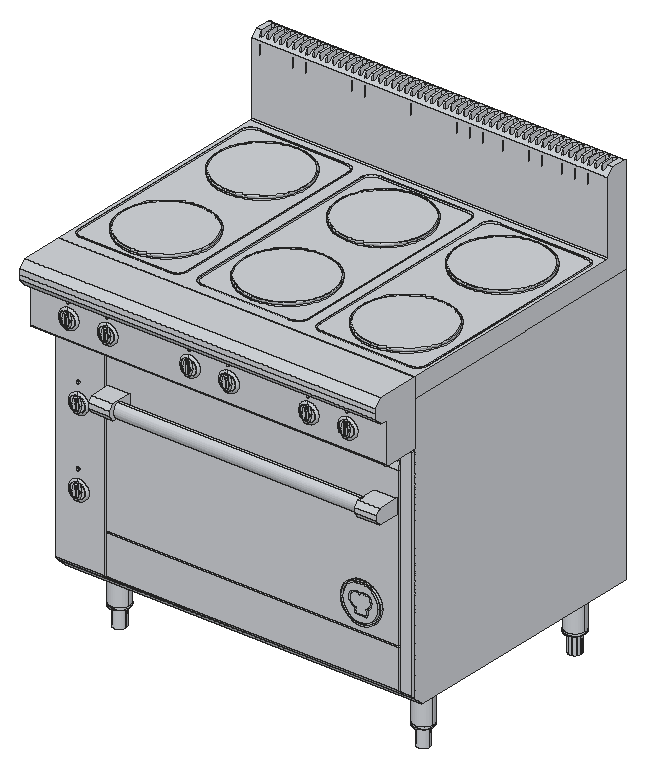
Revit family "6. PE6S28-X", category Generic Models, Revit 2024
Family settings
  Can host rebar = No
  Round Connector Dimension = Use Diameter
  Part Type = Normal
  Work Plane-Based = No
  Always vertical = Yes
  Cut with Voids When Loaded = No
  Maintain Annotation Orientation = No
  Shared = No
  Room Calculation Point = No
Parameters
  Qty = ""
  Item Numbers = ""
  Item Notes = "STATIC"
  Item Model = "PE6S28-X"
  Item Gas Services = ""
  Item Electrical Services = "19KW 3PH"
  Item Description = "800 SERIES 711MM OVEN RANGE"
  Default Elevation = 0 mm
Reference planes
  plane 1 "Center (Front/Back)": y = 0
  plane 2: z = 0
  plane 3 "Center (Left/Right)": x = 0
Forms (mm)
  Extrusion 1, solid
    sketch origin (430, 343.653, 49.9) x (0, -1, 0) y (0, 0, 1)
      loop
        line (218.653, 816.479) -> (218.653, 866.479) -> (-397.847, 866.479)
        arc (-397.847, 866.479) -> (-399.969, 867.357) -> (-400.847, 869.479) r 3
        line (-400.847, 869.479) -> (-400.847, 1052.979) -> (-416.347, 1070.479) -> (-454.347, 1070.479)
        arc (-454.347, 1070.479) -> (-455.762, 1069.893) -> (-456.347, 1068.479) r 2
        line (-456.347, 1068.479) -> (-456.347, 816.479) -> (218.653, 816.479)
    from -484 to 430
  Extrusion 2, solid
    sketch origin (305, 437, 57) x (0, 1, 0) y (0, 0, 1)
      loop
        line (-312, 859.379) -> (-422, 859.379) -> (-437, 842.379) -> (-437, 829.379) -> (-437, 816.379) -> (-422, 799.379) -> (-402, 799.379) -> (-402, 696.879)
        arc (-402, 696.879) -> (-401.268, 695.111) -> (-399.5, 694.379) r 2.5
        line (-399.5, 694.379) -> (-312, 694.379) -> (-312, 859.379)
    from -305 to 609
  Extrusion 3, solid
    sketch origin (308.5, 455, 31) x (0, 1, 0) y (0, 0, 1)
      loop
        line (-340, 662.779) -> (-330, 662.779) -> (-330, 689.783) -> (-341.766, 689.783) -> (-341.766, 684.783) -> (-334.104, 684.783) -> (-340, 662.779)
    from -178.5 to 570.5
  Extrusion 4, solid
    sketch origin (305, 399.1, -9) x (1, 0, 0) y (0, 1, 0)
      loop
        line (-305, -274.1) -> (609, -274.1) -> (609, 400.9) -> (-305, 400.9) -> (-305, -274.1)
    from 163.483 to 875.379
  Extrusion 5, solid
    sketch origin (454.469, 431.414, -49) x (1, 0, 0) y (0, 1, 0)
      loop
        circle (392.544, -196.414) r 25
    from 99 to 205.379
  Extrusion 6, solid
    sketch origin (459.544, 431.414, -49) x (-1, 0, 0) y (0, -1, 0)
      loop
        circle (392.544, 196.414) r 25
    from 99 to 205.379
  Extrusion 7, solid
    sketch origin (454.469, 525.086, -49) x (1, 0, 0) y (0, 1, 0)
      loop
        circle (392.544, 196.414) r 25
    from 99 to 205.379
  Extrusion 8, solid
    sketch origin (459.544, 525.086, -49) x (-1, 0, 0) y (0, -1, 0)
      loop
        circle (392.544, -196.414) r 25
    from 99 to 205.379
  Extrusion 9, solid
    sketch origin (609, 455, -9) x (1, 0, 0) y (0, 0, 1)
      loop
        line (-479, 702.779) -> (-479, 300.379) -> (270, 300.379) -> (270, 702.779) -> (-479, 702.779)
    from 330 to 340
  Sweep 10, solid
    path in 3D
      loop
        line (190, 115, 693.779) -> (135, 115, 693.779)
    profile origin (162.5, 115, 693.779) x (0, -1, 0) y (0, 0, 1)
      loop
        line (-10, -65.09) -> (-10, -102.969) -> (54.085, -102.969) -> (64, -90.575) -> (64, -77.969) -> (53.697, -65.09) -> (-10, -65.09)
  Sweep 11, solid
    path in 3D
      loop
        line (874, 125, 693.779) -> (819, 125, 693.779)
    profile origin (846.5, 125, 693.779) x (0, -1, 0) y (0, 0, 1)
      loop
        line (0, -65.09) -> (0, -102.969) -> (64.085, -102.969) -> (74, -90.575) -> (74, -77.969) -> (63.697, -65.09) -> (0, -65.09)
  Extrusion 12, solid
    sketch origin (135, 132.957, 693.779) x (0, 0, 1) y (0, 1, 0)
      loop
        line (-102.969, -55) -> (-102.969, -60)
        arc (-102.969, -60) -> (-83.592, -72.406) -> (-65.09, -58.729) r 20.284
        line (-65.09, -58.729) -> (-65.09, -53.515)
        arc (-65.09, -53.515) -> (-83.491, -67.995) -> (-102.969, -55) r 19.939
    from -684 to -55
  Extrusion 13, solid
    sketch origin (609, 455, -134) x (1, 0, 0) y (0, 0, 1)
      loop
        line (-479, 420.379) -> (-479, 310.379) -> (270, 310.379) -> (270, 420.379) -> (-479, 420.379)
    from 330 to 340
  Extrusion 14, solid
    sketch origin (584, 115, 3.5) x (1, 0, 0) y (0, 0, 1)
      loop
        circle (202.199, 355.419) r 45
      loop
        line (192.081, 329.86) -> (216.608, 329.86)
        arc (216.608, 329.86) -> (217.6, 337.59) -> (215.85, 345.185) r 22.133
        arc (215.85, 345.185) -> (225.471, 369.038) -> (200.286, 374.258) r 16.756
        arc (200.286, 374.258) -> (176.689, 363.78) -> (191.796, 342.842) r 16.627
        arc (191.796, 342.842) -> (190.899, 336.328) -> (192.081, 329.86) r 20.797
      loop
        arc (220.004, 324.86) -> (222.463, 333.521) -> (221.952, 342.51) r 27.133
        arc (221.952, 342.51) -> (229.4, 372.246) -> (199.719, 379.912) r 21.756
        arc (199.719, 379.912) -> (172.233, 366.311) -> (185.981, 338.898) r 21.627
        arc (185.981, 338.898) -> (186.405, 331.678) -> (188.815, 324.86) r 25.797
        line (188.815, 324.86) -> (220.004, 324.86)
      loop
        circle (202.199, 355.419) r 50
      loop
        circle (202.199, 355.419) r 52
    from 0 to 5
  Extrusion 15, solid
    sketch origin (309, 125, -9) x (1, 0, 0) y (0, 0, 1)
      loop
        line (-309, 755.379) -> (-309, 734.783) -> (575, 734.783) -> (575, 185.379) -> (605, 185.379) -> (605, 755.379) -> (-309, 755.379)
    from 0 to 10
  Extrusion 16, void
    sketch origin (914, 69.1, -9) x (0, -1, 0) y (0, 0, 1)
      loop
        line (-77.796, 163.483) -> (-55.9, 163.483) -> (-55.9, 185.379) -> (-77.796, 163.483)
    from 0 to 921.933
  Extrusion 17, void
    sketch origin (-1281.434, 396.114, 909.279) x (0, 1, 0) y (1, 0, 0)
      loop
        line (360.052, 1294.634) -> (390.483, 1294.634)
        arc (390.483, 1294.634) -> (396.483, 1300.634) -> (390.483, 1306.634) r 6
        line (390.483, 1306.634) -> (360.052, 1306.634)
        arc (360.052, 1306.634) -> (354.052, 1300.634) -> (360.052, 1294.634) r 6
      loop
        line (360.052, 1311.434) -> (390.483, 1311.434)
        arc (390.483, 1311.434) -> (396.483, 1317.434) -> (390.483, 1323.434) r 6
        line (390.483, 1323.434) -> (360.052, 1323.434)
        arc (360.052, 1323.434) -> (354.052, 1317.434) -> (360.052, 1311.434) r 6
      loop
        line (360.052, 1328.234) -> (390.483, 1328.234)
        arc (390.483, 1328.234) -> (396.483, 1334.234) -> (390.483, 1340.234) r 6
        line (390.483, 1340.234) -> (360.052, 1340.234)
        arc (360.052, 1340.234) -> (354.052, 1334.234) -> (360.052, 1328.234) r 6
      loop
        line (360.052, 1345.034) -> (390.483, 1345.034)
        arc (390.483, 1345.034) -> (396.483, 1351.034) -> (390.483, 1357.034) r 6
        line (390.483, 1357.034) -> (360.052, 1357.034)
        arc (360.052, 1357.034) -> (354.052, 1351.034) -> (360.052, 1345.034) r 6
      loop
        line (360.052, 1361.834) -> (390.483, 1361.834)
        arc (390.483, 1361.834) -> (396.483, 1367.834) -> (390.483, 1373.834) r 6
        line (390.483, 1373.834) -> (360.052, 1373.834)
        arc (360.052, 1373.834) -> (354.052, 1367.834) -> (360.052, 1361.834) r 6
      loop
        line (360.052, 1379.034) -> (390.483, 1379.034)
        arc (390.483, 1379.034) -> (396.483, 1385.034) -> (390.483, 1391.034) r 6
        line (390.483, 1391.034) -> (360.052, 1391.034)
        arc (360.052, 1391.034) -> (354.052, 1385.034) -> (360.052, 1379.034) r 6
      loop
        line (360.052, 1395.834) -> (390.483, 1395.834)
        arc (390.483, 1395.834) -> (396.483, 1401.834) -> (390.483, 1407.834) r 6
        line (390.483, 1407.834) -> (360.052, 1407.834)
        arc (360.052, 1407.834) -> (354.052, 1401.834) -> (360.052, 1395.834) r 6
      loop
        line (360.052, 1412.634) -> (390.483, 1412.634)
        arc (390.483, 1412.634) -> (396.483, 1418.634) -> (390.483, 1424.634) r 6
        line (390.483, 1424.634) -> (360.052, 1424.634)
        arc (360.052, 1424.634) -> (354.052, 1418.634) -> (360.052, 1412.634) r 6
      loop
        line (360.052, 1429.434) -> (390.483, 1429.434)
        arc (390.483, 1429.434) -> (396.483, 1435.434) -> (390.483, 1441.434) r 6
        line (390.483, 1441.434) -> (360.052, 1441.434)
        arc (360.052, 1441.434) -> (354.052, 1435.434) -> (360.052, 1429.434) r 6
      loop
        line (360.052, 1446.234) -> (390.483, 1446.234)
        arc (390.483, 1446.234) -> (396.483, 1452.234) -> (390.483, 1458.234) r 6
        line (390.483, 1458.234) -> (360.052, 1458.234)
        arc (360.052, 1458.234) -> (354.052, 1452.234) -> (360.052, 1446.234) r 6
      loop
        line (360.052, 1463.034) -> (390.483, 1463.034)
        arc (390.483, 1463.034) -> (396.483, 1469.034) -> (390.483, 1475.034) r 6
        line (390.483, 1475.034) -> (360.052, 1475.034)
        arc (360.052, 1475.034) -> (354.052, 1469.034) -> (360.052, 1463.034) r 6
      loop
        line (360.052, 1479.834) -> (390.483, 1479.834)
        arc (390.483, 1479.834) -> (396.483, 1485.834) -> (390.483, 1491.834) r 6
        line (390.483, 1491.834) -> (360.052, 1491.834)
        arc (360.052, 1491.834) -> (354.052, 1485.834) -> (360.052, 1479.834) r 6
      loop
        line (360.052, 1496.634) -> (390.483, 1496.634)
        arc (390.483, 1496.634) -> (396.483, 1502.634) -> (390.483, 1508.634) r 6
        line (390.483, 1508.634) -> (360.052, 1508.634)
        arc (360.052, 1508.634) -> (354.052, 1502.634) -> (360.052, 1496.634) r 6
      loop
        line (360.052, 1513.434) -> (390.483, 1513.434)
        arc (390.483, 1513.434) -> (396.483, 1519.434) -> (390.483, 1525.434) r 6
        line (390.483, 1525.434) -> (360.052, 1525.434)
        arc (360.052, 1525.434) -> (354.052, 1519.434) -> (360.052, 1513.434) r 6
      loop
        line (360.052, 1530.234) -> (390.483, 1530.234)
        arc (390.483, 1530.234) -> (396.483, 1536.234) -> (390.483, 1542.234) r 6
        line (390.483, 1542.234) -> (360.052, 1542.234)
        arc (360.052, 1542.234) -> (354.052, 1536.234) -> (360.052, 1530.234) r 6
      loop
        line (360.052, 1547.434) -> (390.483, 1547.434)
        arc (390.483, 1547.434) -> (396.483, 1553.434) -> (390.483, 1559.434) r 6
        line (390.483, 1559.434) -> (360.052, 1559.434)
        arc (360.052, 1559.434) -> (354.052, 1553.434) -> (360.052, 1547.434) r 6
      loop
        line (360.052, 1564.234) -> (390.483, 1564.234)
        arc (390.483, 1564.234) -> (396.483, 1570.234) -> (390.483, 1576.234) r 6
        line (390.483, 1576.234) -> (360.052, 1576.234)
        arc (360.052, 1576.234) -> (354.052, 1570.234) -> (360.052, 1564.234) r 6
      loop
        line (360.052, 1581.034) -> (390.483, 1581.034)
        arc (390.483, 1581.034) -> (396.483, 1587.034) -> (390.483, 1593.034) r 6
        line (390.483, 1593.034) -> (360.052, 1593.034)
        arc (360.052, 1593.034) -> (354.052, 1587.034) -> (360.052, 1581.034) r 6
      loop
        line (360.052, 1597.834) -> (390.483, 1597.834)
        arc (390.483, 1597.834) -> (396.483, 1603.834) -> (390.483, 1609.834) r 6
        line (390.483, 1609.834) -> (360.052, 1609.834)
        arc (360.052, 1609.834) -> (354.052, 1603.834) -> (360.052, 1597.834) r 6
      loop
        line (360.052, 1614.634) -> (390.483, 1614.634)
        arc (390.483, 1614.634) -> (396.483, 1620.634) -> (390.483, 1626.634) r 6
        line (390.483, 1626.634) -> (360.052, 1626.634)
        arc (360.052, 1626.634) -> (354.052, 1620.634) -> (360.052, 1614.634) r 6
      loop
        line (360.052, 1631.434) -> (390.483, 1631.434)
        arc (390.483, 1631.434) -> (396.483, 1637.434) -> (390.483, 1643.434) r 6
        line (390.483, 1643.434) -> (360.052, 1643.434)
        arc (360.052, 1643.434) -> (354.052, 1637.434) -> (360.052, 1631.434) r 6
      loop
        line (360.052, 1648.234) -> (390.483, 1648.234)
        arc (390.483, 1648.234) -> (396.483, 1654.234) -> (390.483, 1660.234) r 6
        line (390.483, 1660.234) -> (360.052, 1660.234)
        arc (360.052, 1660.234) -> (354.052, 1654.234) -> (360.052, 1648.234) r 6
      loop
        line (360.052, 1665.034) -> (390.483, 1665.034)
        arc (390.483, 1665.034) -> (396.483, 1671.034) -> (390.483, 1677.034) r 6
        line (390.483, 1677.034) -> (360.052, 1677.034)
        arc (360.052, 1677.034) -> (354.052, 1671.034) -> (360.052, 1665.034) r 6
      loop
        line (360.052, 1681.834) -> (390.483, 1681.834)
        arc (390.483, 1681.834) -> (396.483, 1687.834) -> (390.483, 1693.834) r 6
        line (390.483, 1693.834) -> (360.052, 1693.834)
        arc (360.052, 1693.834) -> (354.052, 1687.834) -> (360.052, 1681.834) r 6
      loop
        line (360.052, 1698.634) -> (390.483, 1698.634)
        arc (390.483, 1698.634) -> (396.483, 1704.634) -> (390.483, 1710.634) r 6
        line (390.483, 1710.634) -> (360.052, 1710.634)
        arc (360.052, 1710.634) -> (354.052, 1704.634) -> (360.052, 1698.634) r 6
      loop
        line (360.052, 1715.834) -> (390.483, 1715.834)
        arc (390.483, 1715.834) -> (396.483, 1721.834) -> (390.483, 1727.834) r 6
        line (390.483, 1727.834) -> (360.052, 1727.834)
        arc (360.052, 1727.834) -> (354.052, 1721.834) -> (360.052, 1715.834) r 6
      loop
        line (360.052, 1732.634) -> (390.483, 1732.634)
        arc (390.483, 1732.634) -> (396.483, 1738.634) -> (390.483, 1744.634) r 6
        line (390.483, 1744.634) -> (360.052, 1744.634)
        arc (360.052, 1744.634) -> (354.052, 1738.634) -> (360.052, 1732.634) r 6
      loop
        line (360.052, 1749.434) -> (390.483, 1749.434)
        arc (390.483, 1749.434) -> (396.483, 1755.434) -> (390.483, 1761.434) r 6
        line (390.483, 1761.434) -> (360.052, 1761.434)
        arc (360.052, 1761.434) -> (354.052, 1755.434) -> (360.052, 1749.434) r 6
      loop
        line (360.052, 1766.234) -> (390.483, 1766.234)
        arc (390.483, 1766.234) -> (396.483, 1772.234) -> (390.483, 1778.234) r 6
        line (390.483, 1778.234) -> (360.052, 1778.234)
        arc (360.052, 1778.234) -> (354.052, 1772.234) -> (360.052, 1766.234) r 6
      loop
        line (360.052, 1783.034) -> (390.483, 1783.034)
        arc (390.483, 1783.034) -> (396.483, 1789.034) -> (390.483, 1795.034) r 6
        line (390.483, 1795.034) -> (360.052, 1795.034)
        arc (360.052, 1795.034) -> (354.052, 1789.034) -> (360.052, 1783.034) r 6
      loop
        line (360.052, 1799.834) -> (390.483, 1799.834)
        arc (390.483, 1799.834) -> (396.483, 1805.834) -> (390.483, 1811.834) r 6
        line (390.483, 1811.834) -> (360.052, 1811.834)
        arc (360.052, 1811.834) -> (354.052, 1805.834) -> (360.052, 1799.834) r 6
      loop
        line (360.052, 1816.634) -> (390.483, 1816.634)
        arc (390.483, 1816.634) -> (396.483, 1822.634) -> (390.483, 1828.634) r 6
        line (390.483, 1828.634) -> (360.052, 1828.634)
        arc (360.052, 1828.634) -> (354.052, 1822.634) -> (360.052, 1816.634) r 6
      loop
        line (360.052, 1833.434) -> (390.483, 1833.434)
        arc (390.483, 1833.434) -> (396.483, 1839.434) -> (390.483, 1845.434) r 6
        line (390.483, 1845.434) -> (360.052, 1845.434)
        arc (360.052, 1845.434) -> (354.052, 1839.434) -> (360.052, 1833.434) r 6
      loop
        line (360.052, 1850.234) -> (390.483, 1850.234)
        arc (390.483, 1850.234) -> (396.483, 1856.234) -> (390.483, 1862.234) r 6
        line (390.483, 1862.234) -> (360.052, 1862.234)
        arc (360.052, 1862.234) -> (354.052, 1856.234) -> (360.052, 1850.234) r 6
      loop
        line (360.052, 1867.034) -> (390.483, 1867.034)
        arc (390.483, 1867.034) -> (396.483, 1873.034) -> (390.483, 1879.034) r 6
        line (390.483, 1879.034) -> (360.052, 1879.034)
        arc (360.052, 1879.034) -> (354.052, 1873.034) -> (360.052, 1867.034) r 6
      loop
        line (360.052, 1884.234) -> (390.483, 1884.234)
        arc (390.483, 1884.234) -> (396.483, 1890.234) -> (390.483, 1896.234) r 6
        line (390.483, 1896.234) -> (360.052, 1896.234)
        arc (360.052, 1896.234) -> (354.052, 1890.234) -> (360.052, 1884.234) r 6
      loop
        line (360.052, 1901.034) -> (390.483, 1901.034)
        arc (390.483, 1901.034) -> (396.483, 1907.034) -> (390.483, 1913.034) r 6
        line (390.483, 1913.034) -> (360.052, 1913.034)
        arc (360.052, 1913.034) -> (354.052, 1907.034) -> (360.052, 1901.034) r 6
      loop
        line (360.052, 1917.834) -> (390.483, 1917.834)
        arc (390.483, 1917.834) -> (396.483, 1923.834) -> (390.483, 1929.834) r 6
        line (390.483, 1929.834) -> (360.052, 1929.834)
        arc (360.052, 1929.834) -> (354.052, 1923.834) -> (360.052, 1917.834) r 6
      loop
        line (360.052, 1934.634) -> (390.483, 1934.634)
        arc (390.483, 1934.634) -> (396.483, 1940.634) -> (390.483, 1946.634) r 6
        line (390.483, 1946.634) -> (360.052, 1946.634)
        arc (360.052, 1946.634) -> (354.052, 1940.634) -> (360.052, 1934.634) r 6
      loop
        line (360.052, 1951.434) -> (390.483, 1951.434)
        arc (390.483, 1951.434) -> (396.483, 1957.434) -> (390.483, 1963.434) r 6
        line (390.483, 1963.434) -> (360.052, 1963.434)
        arc (360.052, 1963.434) -> (354.052, 1957.434) -> (360.052, 1951.434) r 6
      loop
        line (360.052, 1968.234) -> (390.483, 1968.234)
        arc (390.483, 1968.234) -> (396.483, 1974.234) -> (390.483, 1980.234) r 6
        line (390.483, 1980.234) -> (360.052, 1980.234)
        arc (360.052, 1980.234) -> (354.052, 1974.234) -> (360.052, 1968.234) r 6
      loop
        line (360.052, 1985.034) -> (390.483, 1985.034)
        arc (390.483, 1985.034) -> (396.483, 1991.034) -> (390.483, 1997.034) r 6
        line (390.483, 1997.034) -> (360.052, 1997.034)
        arc (360.052, 1997.034) -> (354.052, 1991.034) -> (360.052, 1985.034) r 6
      loop
        line (360.052, 2001.834) -> (390.483, 2001.834)
        arc (390.483, 2001.834) -> (396.483, 2007.834) -> (390.483, 2013.834) r 6
        line (390.483, 2013.834) -> (360.052, 2013.834)
        arc (360.052, 2013.834) -> (354.052, 2007.834) -> (360.052, 2001.834) r 6
      loop
        line (360.052, 2018.634) -> (390.483, 2018.634)
        arc (390.483, 2018.634) -> (396.483, 2024.634) -> (390.483, 2030.634) r 6
        line (390.483, 2030.634) -> (360.052, 2030.634)
        arc (360.052, 2030.634) -> (354.052, 2024.634) -> (360.052, 2018.634) r 6
      loop
        line (360.052, 2035.434) -> (390.483, 2035.434)
        arc (390.483, 2035.434) -> (396.483, 2041.434) -> (390.483, 2047.434) r 6
        line (390.483, 2047.434) -> (360.052, 2047.434)
        arc (360.052, 2047.434) -> (354.052, 2041.434) -> (360.052, 2035.434) r 6
      loop
        line (360.052, 2052.634) -> (390.483, 2052.634)
        arc (390.483, 2052.634) -> (396.483, 2058.634) -> (390.483, 2064.634) r 6
        line (390.483, 2064.634) -> (360.052, 2064.634)
        arc (360.052, 2064.634) -> (354.052, 2058.634) -> (360.052, 2052.634) r 6
      loop
        line (360.052, 2069.434) -> (390.483, 2069.434)
        arc (390.483, 2069.434) -> (396.483, 2075.434) -> (390.483, 2081.434) r 6
        line (390.483, 2081.434) -> (360.052, 2081.434)
        arc (360.052, 2081.434) -> (354.052, 2075.434) -> (360.052, 2069.434) r 6
      loop
        line (360.052, 2086.234) -> (390.483, 2086.234)
        arc (390.483, 2086.234) -> (396.483, 2092.234) -> (390.483, 2098.234) r 6
        line (390.483, 2098.234) -> (360.052, 2098.234)
        arc (360.052, 2098.234) -> (354.052, 2092.234) -> (360.052, 2086.234) r 6
      loop
        line (360.052, 2103.034) -> (390.483, 2103.034)
        arc (390.483, 2103.034) -> (396.483, 2109.034) -> (390.483, 2115.034) r 6
        line (390.483, 2115.034) -> (360.052, 2115.034)
        arc (360.052, 2115.034) -> (354.052, 2109.034) -> (360.052, 2103.034) r 6
      loop
        line (360.052, 2119.834) -> (390.483, 2119.834)
        arc (390.483, 2119.834) -> (396.483, 2125.834) -> (390.483, 2131.834) r 6
        line (390.483, 2131.834) -> (360.052, 2131.834)
        arc (360.052, 2131.834) -> (354.052, 2125.834) -> (360.052, 2119.834) r 6
      loop
        line (360.052, 2136.634) -> (390.483, 2136.634)
        arc (390.483, 2136.634) -> (396.483, 2142.634) -> (390.483, 2148.634) r 6
        line (390.483, 2148.634) -> (360.052, 2148.634)
        arc (360.052, 2148.634) -> (354.052, 2142.634) -> (360.052, 2136.634) r 6
      loop
        line (360.052, 2153.434) -> (390.483, 2153.434)
        arc (390.483, 2153.434) -> (396.483, 2159.434) -> (390.483, 2165.434) r 6
        line (390.483, 2165.434) -> (360.052, 2165.434)
        arc (360.052, 2165.434) -> (354.052, 2159.434) -> (360.052, 2153.434) r 6
      loop
        line (360.052, 2170.234) -> (390.483, 2170.234)
        arc (390.483, 2170.234) -> (396.483, 2176.234) -> (390.483, 2182.234) r 6
        line (390.483, 2182.234) -> (360.052, 2182.234)
        arc (360.052, 2182.234) -> (354.052, 2176.234) -> (360.052, 2170.234) r 6
    from -215.172 to -155.9
  Extrusion 18, void
    sketch origin (914, 125, 156.379) x (0, 0, -1) y (0, -1, 0)
      loop
        line (-20, 0) -> (-20, 10) -> (-30, 10) -> (-20, 0)
    from 0 to 784
  Sweep 19, solid
    path in 3D
      loop
        arc (92, 235, 156.379) -> (67, 210, 156.379) -> (42, 235, 156.379) r 25
        arc (42, 235, 156.379) -> (67, 260, 156.379) -> (92, 235, 156.379) r 25
    profile origin (67, 260, 156.379) x (0, 1, 0) y (0, 0, 1)
      loop
        line (0, -1.896) -> (0, -4.896) -> (1, -4.896) -> (1, -3.957)
        arc (1, -3.957) -> (1.303, -3.224) -> (2.036, -2.92) r 1.036
        line (2.036, -2.92) -> (2.988, -2.92) -> (2.988, -1.896) -> (1, -1.896) -> (0, -1.896)
  Sweep 20, solid
    path in 3D
      loop
        arc (92, 721.5, 156.379) -> (67, 696.5, 156.379) -> (42, 721.5, 156.379) r 25
        arc (42, 721.5, 156.379) -> (67, 746.5, 156.379) -> (92, 721.5, 156.379) r 25
    profile origin (67, 746.5, 156.379) x (0, 1, 0) y (0, 0, 1)
      loop
        line (0, -1.896) -> (0, -4.896) -> (1, -4.896) -> (1, -3.957)
        arc (1, -3.957) -> (1.303, -3.224) -> (2.036, -2.92) r 1.036
        line (2.036, -2.92) -> (2.988, -2.92) -> (2.988, -1.896) -> (1, -1.896) -> (0, -1.896)
  Sweep 21, solid
    path in 3D
      loop
        arc (871.762, 721.5, 156.379) -> (846.762, 696.5, 156.379) -> (821.762, 721.5, 156.379) r 25
        arc (821.762, 721.5, 156.379) -> (846.762, 746.5, 156.379) -> (871.762, 721.5, 156.379) r 25
    profile origin (846.762, 746.5, 156.379) x (0, 1, 0) y (0, 0, 1)
      loop
        line (0, -1.896) -> (0, -4.896) -> (1, -4.896) -> (1, -3.957)
        arc (1, -3.957) -> (1.303, -3.224) -> (2.036, -2.92) r 1.036
        line (2.036, -2.92) -> (2.988, -2.92) -> (2.988, -1.896) -> (1, -1.896) -> (0, -1.896)
  Sweep 22, solid
    path in 3D
      loop
        arc (872.012, 235, 156.379) -> (847.012, 210, 156.379) -> (822.012, 235, 156.379) r 25
        arc (822.012, 235, 156.379) -> (847.012, 260, 156.379) -> (872.012, 235, 156.379) r 25
    profile origin (847.012, 260, 156.379) x (0, 1, 0) y (0, 0, 1)
      loop
        line (0, -1.896) -> (0, -4.896) -> (1, -4.896) -> (1, -3.957)
        arc (1, -3.957) -> (1.303, -3.224) -> (2.036, -2.92) r 1.036
        line (2.036, -2.92) -> (2.988, -2.92) -> (2.988, -1.896) -> (1, -1.896) -> (0, -1.896)
  Extrusion 23, void
    sketch origin (430, 69.1, 916.379) x (-1, 0, 0) y (0, 1, 0)
      loop
        arc (422, 628.523) -> (414.678, 646.201) -> (397, 653.523) r 25
        line (397, 653.523) -> (168, 653.523)
        arc (168, 653.523) -> (150.322, 646.201) -> (143, 628.523) r 25
        line (143, 628.523) -> (143, 108.9)
        arc (143, 108.9) -> (150.322, 91.222) -> (168, 83.9) r 25
        line (168, 83.9) -> (397, 83.9)
        arc (397, 83.9) -> (414.678, 91.222) -> (422, 108.9) r 25
        line (422, 108.9) -> (422, 628.523)
      loop
        arc (111, 628.523) -> (103.678, 646.201) -> (86, 653.523) r 25
        line (86, 653.523) -> (-143, 653.523)
        arc (-143, 653.523) -> (-160.678, 646.201) -> (-168, 628.523) r 25
        line (-168, 628.523) -> (-168, 108.9)
        arc (-168, 108.9) -> (-160.678, 91.222) -> (-143, 83.9) r 25
        line (-143, 83.9) -> (86, 83.9)
        arc (86, 83.9) -> (103.678, 91.222) -> (111, 108.9) r 25
        line (111, 108.9) -> (111, 628.523)
      loop
        arc (-194, 628.523) -> (-201.322, 646.201) -> (-219, 653.523) r 25
        line (-219, 653.523) -> (-448, 653.523)
        arc (-448, 653.523) -> (-465.678, 646.201) -> (-473, 628.523) r 25
        line (-473, 628.523) -> (-473, 108.9)
        arc (-473, 108.9) -> (-465.678, 91.222) -> (-448, 83.9) r 25
        line (-448, 83.9) -> (-219, 83.9)
        arc (-219, 83.9) -> (-201.322, 91.222) -> (-194, 108.9) r 25
        line (-194, 108.9) -> (-194, 628.523)
    from 0 to 2.5
  Sweep 24, solid
    path in 3D
      loop
        arc (8, 178, 913.879) -> (15.322, 160.322, 913.879) -> (33, 153, 913.879) r 25
        line (33, 153, 913.879) -> (262, 153, 913.879)
        arc (262, 153, 913.879) -> (279.678, 160.322, 913.879) -> (287, 178, 913.879) r 25
        line (287, 178, 913.879) -> (287, 697.623, 913.879)
        arc (287, 697.623, 913.879) -> (279.678, 715.301, 913.879) -> (262, 722.623, 913.879) r 25
        line (262, 722.623, 913.879) -> (33, 722.623, 913.879)
        arc (33, 722.623, 913.879) -> (15.322, 715.301, 913.879) -> (8, 697.623, 913.879) r 25
        line (8, 697.623, 913.879) -> (8, 178, 913.879)
    profile origin (8, 437.812, 913.879) x (1, 0, 0) y (0, 0, 1)
      loop
        line (0, 0) -> (2.5, 0)
        arc (2.5, 0) -> (1.768, 1.768) -> (0, 2.5) r 2.5
        line (0, 2.5) -> (0, 0)
  Extrusion 25, solid
    sketch origin (-491, 125, -9) x (1, 0, 0) y (0, 0, 1)
      loop
        line (616, 163.483) -> (616, 729.783) -> (491, 729.783) -> (491, 163.483) -> (616, 163.483)
    from 0 to 10
  Extrusion 26, void
    sketch origin (125, 125, 156.379) x (0, 0, -1) y (0, -1, 0)
      loop
        line (1.896, 10) -> (-30, 10) -> (-20, 0) -> (1.896, 0) -> (1.896, 10)
    from 0 to 125
  Sweep 27, solid
    path in 3D
      loop
        arc (319, 178, 913.879) -> (326.322, 160.322, 913.879) -> (344, 153, 913.879) r 25
        line (344, 153, 913.879) -> (573, 153, 913.879)
        arc (573, 153, 913.879) -> (590.678, 160.322, 913.879) -> (598, 178, 913.879) r 25
        line (598, 178, 913.879) -> (598, 697.623, 913.879)
        arc (598, 697.623, 913.879) -> (590.678, 715.301, 913.879) -> (573, 722.623, 913.879) r 25
        line (573, 722.623, 913.879) -> (344, 722.623, 913.879)
        arc (344, 722.623, 913.879) -> (326.322, 715.301, 913.879) -> (319, 697.623, 913.879) r 25
        line (319, 697.623, 913.879) -> (319, 178, 913.879)
    profile origin (319, 437.812, 913.879) x (1, 0, 0) y (0, 0, 1)
      loop
        line (0, 0) -> (2.5, 0)
        arc (2.5, 0) -> (1.768, 1.768) -> (0, 2.5) r 2.5
        line (0, 2.5) -> (0, 0)
  Sweep 28, solid
    path in 3D
      loop
        arc (624, 178, 913.879) -> (631.322, 160.322, 913.879) -> (649, 153, 913.879) r 25
        line (649, 153, 913.879) -> (878, 153, 913.879)
        arc (878, 153, 913.879) -> (895.678, 160.322, 913.879) -> (903, 178, 913.879) r 25
        line (903, 178, 913.879) -> (903, 697.623, 913.879)
        arc (903, 697.623, 913.879) -> (895.678, 715.301, 913.879) -> (878, 722.623, 913.879) r 25
        line (878, 722.623, 913.879) -> (649, 722.623, 913.879)
        arc (649, 722.623, 913.879) -> (631.322, 715.301, 913.879) -> (624, 697.623, 913.879) r 25
        line (624, 697.623, 913.879) -> (624, 178, 913.879)
    profile origin (624, 437.812, 913.879) x (1, 0, 0) y (0, 0, 1)
      loop
        line (0, 0) -> (2.5, 0)
        arc (2.5, 0) -> (1.768, 1.768) -> (0, 2.5) r 2.5
        line (0, 2.5) -> (0, 0)
  Extrusion 29, solid
    sketch origin (629, 692.623, 913.879) x (-1, 0, 0) y (0, 1, 0)
      loop
        circle (-134.5, -101) r 111
    from 0 to -2.468
  Sweep 30, solid
    path in 3D
      loop
        arc (763.5, 702.623, 916.347) -> (874.5, 591.623, 916.347) -> (763.5, 480.623, 916.347) r 111
        arc (763.5, 480.623, 916.347) -> (652.5, 591.623, 916.347) -> (763.5, 702.623, 916.347) r 111
    profile origin (652.5, 591.623, 916.347) x (-1, 0, 0) y (0, 0, 1)
      loop
        line (0, 0.032) -> (0, -2.468) -> (2.5, -2.468)
        arc (2.5, -2.468) -> (1.768, -0.701) -> (0, 0.032) r 2.5
  Extrusion 31, solid
    sketch origin (629, 692.623, 916.347) x (-1, 0, 0) y (0, -1, 0)
      loop
        circle (-134.5, 101) r 111
    from 0 to 5
  Sweep 32, solid
    path in 3D
      loop
        arc (763.5, 702.623, 921.347) -> (874.5, 591.623, 921.347) -> (763.5, 480.623, 921.347) r 111
        arc (763.5, 480.623, 921.347) -> (652.5, 591.623, 921.347) -> (763.5, 702.623, 921.347) r 111
    profile origin (652.5, 591.623, 921.347) x (-1, 0, 0) y (0, 0, 1)
      loop
        line (0, 0) -> (0, -4.968)
        arc (0, -4.968) -> (2.484, -2.484) -> (0, 0) r 2.484
  Extrusion 33, solid
    sketch origin (629, 385, 913.879) x (-1, 0, 0) y (0, 1, 0)
      loop
        circle (-134.5, -101) r 111
    from 0 to -2.468
  Sweep 34, solid
    path in 3D
      loop
        arc (763.5, 395, 916.347) -> (874.5, 284, 916.347) -> (763.5, 173, 916.347) r 111
        arc (763.5, 173, 916.347) -> (652.5, 284, 916.347) -> (763.5, 395, 916.347) r 111
    profile origin (652.5, 284, 916.347) x (-1, 0, 0) y (0, 0, 1)
      loop
        line (0, 0.032) -> (0, -2.468) -> (2.5, -2.468)
        arc (2.5, -2.468) -> (1.768, -0.701) -> (0, 0.032) r 2.5
  Extrusion 35, solid
    sketch origin (629, 385, 916.347) x (-1, 0, 0) y (0, -1, 0)
      loop
        circle (-134.5, 101) r 111
    from 0 to 5
  Sweep 36, solid
    path in 3D
      loop
        arc (763.5, 395, 921.347) -> (874.5, 284, 921.347) -> (763.5, 173, 921.347) r 111
        arc (763.5, 173, 921.347) -> (652.5, 284, 921.347) -> (763.5, 395, 921.347) r 111
    profile origin (652.5, 284, 921.347) x (-1, 0, 0) y (0, 0, 1)
      loop
        line (0, 0) -> (0, -4.968)
        arc (0, -4.968) -> (2.484, -2.484) -> (0, 0) r 2.484
  Extrusion 37, solid
    sketch origin (324, 692.623, 913.879) x (-1, 0, 0) y (0, 1, 0)
      loop
        circle (-134.5, -101) r 111
    from 0 to -2.468
  Sweep 38, solid
    path in 3D
      loop
        arc (458.5, 702.623, 916.347) -> (569.5, 591.623, 916.347) -> (458.5, 480.623, 916.347) r 111
        arc (458.5, 480.623, 916.347) -> (347.5, 591.623, 916.347) -> (458.5, 702.623, 916.347) r 111
    profile origin (347.5, 591.623, 916.347) x (-1, 0, 0) y (0, 0, 1)
      loop
        line (0, 0.032) -> (0, -2.468) -> (2.5, -2.468)
        arc (2.5, -2.468) -> (1.768, -0.701) -> (0, 0.032) r 2.5
  Extrusion 39, solid
    sketch origin (324, 692.623, 916.347) x (-1, 0, 0) y (0, -1, 0)
      loop
        circle (-134.5, 101) r 111
    from 0 to 5
  Sweep 40, solid
    path in 3D
      loop
        arc (458.5, 702.623, 921.347) -> (569.5, 591.623, 921.347) -> (458.5, 480.623, 921.347) r 111
        arc (458.5, 480.623, 921.347) -> (347.5, 591.623, 921.347) -> (458.5, 702.623, 921.347) r 111
    profile origin (347.5, 591.623, 921.347) x (-1, 0, 0) y (0, 0, 1)
      loop
        line (0, 0) -> (0, -4.968)
        arc (0, -4.968) -> (2.484, -2.484) -> (0, 0) r 2.484
  Extrusion 41, solid
    sketch origin (324, 385, 913.879) x (-1, 0, 0) y (0, 1, 0)
      loop
        circle (-134.5, -101) r 111
    from 0 to -2.468
  Sweep 42, solid
    path in 3D
      loop
        arc (458.5, 395, 916.347) -> (569.5, 284, 916.347) -> (458.5, 173, 916.347) r 111
        arc (458.5, 173, 916.347) -> (347.5, 284, 916.347) -> (458.5, 395, 916.347) r 111
    profile origin (347.5, 284, 916.347) x (-1, 0, 0) y (0, 0, 1)
      loop
        line (0, 0.032) -> (0, -2.468) -> (2.5, -2.468)
        arc (2.5, -2.468) -> (1.768, -0.701) -> (0, 0.032) r 2.5
  Extrusion 43, solid
    sketch origin (324, 385, 916.347) x (-1, 0, 0) y (0, -1, 0)
      loop
        circle (-134.5, 101) r 111
    from 0 to 5
  Sweep 44, solid
    path in 3D
      loop
        arc (458.5, 395, 921.347) -> (569.5, 284, 921.347) -> (458.5, 173, 921.347) r 111
        arc (458.5, 173, 921.347) -> (347.5, 284, 921.347) -> (458.5, 395, 921.347) r 111
    profile origin (347.5, 284, 921.347) x (-1, 0, 0) y (0, 0, 1)
      loop
        line (0, 0) -> (0, -4.968)
        arc (0, -4.968) -> (2.484, -2.484) -> (0, 0) r 2.484
  Extrusion 45, solid
    sketch origin (13, 692.623, 913.879) x (-1, 0, 0) y (0, 1, 0)
      loop
        circle (-134.5, -101) r 111
    from 0 to -2.468
  Sweep 46, solid
    path in 3D
      loop
        arc (147.5, 702.623, 916.347) -> (258.5, 591.623, 916.347) -> (147.5, 480.623, 916.347) r 111
        arc (147.5, 480.623, 916.347) -> (36.5, 591.623, 916.347) -> (147.5, 702.623, 916.347) r 111
    profile origin (36.5, 591.623, 916.347) x (-1, 0, 0) y (0, 0, 1)
      loop
        line (0, 0.032) -> (0, -2.468) -> (2.5, -2.468)
        arc (2.5, -2.468) -> (1.768, -0.701) -> (0, 0.032) r 2.5
  Extrusion 47, solid
    sketch origin (13, 692.623, 916.347) x (-1, 0, 0) y (0, -1, 0)
      loop
        circle (-134.5, 101) r 111
    from 0 to 5
  Sweep 48, solid
    path in 3D
      loop
        arc (147.5, 702.623, 921.347) -> (258.5, 591.623, 921.347) -> (147.5, 480.623, 921.347) r 111
        arc (147.5, 480.623, 921.347) -> (36.5, 591.623, 921.347) -> (147.5, 702.623, 921.347) r 111
    profile origin (36.5, 591.623, 921.347) x (-1, 0, 0) y (0, 0, 1)
      loop
        line (0, 0) -> (0, -4.968)
        arc (0, -4.968) -> (2.484, -2.484) -> (0, 0) r 2.484
  Extrusion 49, solid
    sketch origin (13, 385, 913.879) x (-1, 0, 0) y (0, 1, 0)
      loop
        circle (-134.5, -101) r 111
    from 0 to -2.468
  Sweep 50, solid
    path in 3D
      loop
        arc (147.5, 395, 916.347) -> (258.5, 284, 916.347) -> (147.5, 173, 916.347) r 111
        arc (147.5, 173, 916.347) -> (36.5, 284, 916.347) -> (147.5, 395, 916.347) r 111
    profile origin (36.5, 284, 916.347) x (-1, 0, 0) y (0, 0, 1)
      loop
        line (0, 0.032) -> (0, -2.468) -> (2.5, -2.468)
        arc (2.5, -2.468) -> (1.768, -0.701) -> (0, 0.032) r 2.5
  Extrusion 51, solid
    sketch origin (13, 385, 916.347) x (-1, 0, 0) y (0, -1, 0)
      loop
        circle (-134.5, 101) r 111
    from 0 to 5
  Sweep 52, solid
    path in 3D
      loop
        arc (147.5, 395, 921.347) -> (258.5, 284, 921.347) -> (147.5, 173, 921.347) r 111
        arc (147.5, 173, 921.347) -> (36.5, 284, 921.347) -> (147.5, 395, 921.347) r 111
    profile origin (36.5, 284, 921.347) x (-1, 0, 0) y (0, 0, 1)
      loop
        line (0, 0) -> (0, -4.968)
        arc (0, -4.968) -> (2.484, -2.484) -> (0, 0) r 2.484
  Extrusion 53, solid
    sketch origin (345.991, 35, 855.79) x (0, 0, -1) y (1, 0, 0)
      loop
        circle (13.212, -150) r 3.5
      loop
        circle (13.212, -250) r 3.5
      loop
        circle (13.212, 161) r 3.5
      loop
        circle (13.212, 61) r 3.5
      loop
        circle (13.213, 466) r 3.5
      loop
        circle (13.213, 366) r 3.5
    from 0 to 1.5
  Extrusion 54, solid
    sketch origin (-125.094, 35, 860.612) x (0, 0, -1) y (1, 0, 0)
      loop
        circle (56.733, 322.594) r 20
    from 0 to 5
  Sweep 55, solid
    path in 3D
      loop
        arc (197.5, 35, 783.879) -> (217.5, 35, 803.879) -> (197.5, 35, 823.879) r 20
        arc (197.5, 35, 823.879) -> (177.5, 35, 803.879) -> (197.5, 35, 783.879) r 20
    profile origin (177.5, 35, 803.879) x (0, 1, 0) y (-1, 0, 0)
      loop
        line (0, 0) -> (0, 5)
        arc (0, 5) -> (-3.536, 3.536) -> (-5, 0) r 5
        line (-5, 0) -> (0, 0)
  Extrusion 56, solid
    sketch origin (-225.094, 35, 860.612) x (0, 0, -1) y (1, 0, 0)
      loop
        circle (56.733, 322.594) r 20
    from 0 to 5
  Sweep 57, solid
    path in 3D
      loop
        arc (97.5, 35, 783.879) -> (117.5, 35, 803.879) -> (97.5, 35, 823.879) r 20
        arc (97.5, 35, 823.879) -> (77.5, 35, 803.879) -> (97.5, 35, 783.879) r 20
    profile origin (77.5, 35, 803.879) x (0, 1, 0) y (-1, 0, 0)
      loop
        line (0, 0) -> (0, 5)
        arc (0, 5) -> (-3.536, 3.536) -> (-5, 0) r 5
        line (-5, 0) -> (0, 0)
  Extrusion 58, solid
    sketch origin (-125.094, 30, 860.612) x (0, 0, -1) y (1, 0, 0)
      loop
        line (74.233, 317.437) -> (74.233, 327.75)
        arc (74.233, 327.75) -> (74.106, 328.12) -> (73.779, 328.333) r 0.6
        line (73.779, 328.333) -> (56.733, 332.594) -> (39.688, 328.333)
        arc (39.688, 328.333) -> (39.36, 328.12) -> (39.233, 327.75) r 0.6
        line (39.233, 327.75) -> (39.233, 317.437)
        arc (39.233, 317.437) -> (39.36, 317.068) -> (39.688, 316.855) r 0.6
        line (39.688, 316.855) -> (56.733, 312.594) -> (73.779, 316.855)
        arc (73.779, 316.855) -> (74.106, 317.068) -> (74.233, 317.437) r 0.6
    from 0 to 6
  Sweep 59, void
    path in 3D
      loop
        line (191.875, 24, 821.379) -> (187.5, 24, 803.879) -> (191.875, 24, 786.379) -> (203.125, 24, 786.379) -> (207.5, 24, 803.879) -> (203.125, 24, 821.379) -> (191.875, 24, 821.379)
    profile origin (197.5, 24, 821.379) x (0, -1, 0) y (0, 0, 1)
      loop
        line (0, 0) -> (-1, 0)
        arc (-1, 0) -> (-0.293, -0.293) -> (0, -1) r 1
        line (0, -1) -> (0, 0)
  Extrusion 60, void
    sketch origin (-125.128, 30, 860.622) x (0, 0, 1) y (1, 0, 0)
      loop
        line (-69.233, 322.594) -> (-69.233, 321.094) -> (-49.233, 321.094) -> (-49.233, 324.094) -> (-69.233, 324.094) -> (-69.233, 322.594)
      loop
        circle (-44.522, 322.483) r 1.5
    from 5 to 6
  Extrusion 61, solid
    sketch origin (-125.094, 24, 860.612) x (0, 0, -1) y (1, 0, 0)
      loop
        line (49.233, 321.094) -> (69.233, 321.094) -> (69.233, 324.094) -> (49.233, 324.094) -> (49.233, 321.094)
      loop
        circle (44.522, 322.483) r 1.5
    from 0 to -1.5
  Extrusion 62, solid
    sketch origin (-225.094, 30, 860.612) x (0, 0, -1) y (1, 0, 0)
      loop
        line (74.233, 317.437) -> (74.233, 327.75)
        arc (74.233, 327.75) -> (74.106, 328.12) -> (73.779, 328.333) r 0.6
        line (73.779, 328.333) -> (56.733, 332.594) -> (39.688, 328.333)
        arc (39.688, 328.333) -> (39.36, 328.12) -> (39.233, 327.75) r 0.6
        line (39.233, 327.75) -> (39.233, 317.437)
        arc (39.233, 317.437) -> (39.36, 317.068) -> (39.688, 316.855) r 0.6
        line (39.688, 316.855) -> (56.733, 312.594) -> (73.779, 316.855)
        arc (73.779, 316.855) -> (74.106, 317.068) -> (74.233, 317.437) r 0.6
    from 0 to 6
  Sweep 63, void
    path in 3D
      loop
        line (91.875, 24, 821.379) -> (87.5, 24, 803.879) -> (91.875, 24, 786.379) -> (103.125, 24, 786.379) -> (107.5, 24, 803.879) -> (103.125, 24, 821.379) -> (91.875, 24, 821.379)
    profile origin (97.5, 24, 821.379) x (0, -1, 0) y (0, 0, 1)
      loop
        line (0, 0) -> (-1, 0)
        arc (-1, 0) -> (-0.293, -0.293) -> (0, -1) r 1
        line (0, -1) -> (0, 0)
  Extrusion 64, void
    sketch origin (-224.977, 30, 860.492) x (0, 0, 1) y (1, 0, 0)
      loop
        line (-69.233, 322.594) -> (-69.233, 321.094) -> (-49.233, 321.094) -> (-49.233, 324.094) -> (-69.233, 324.094) -> (-69.233, 322.594)
      loop
        circle (-44.522, 322.483) r 1.5
    from 5 to 6
  Extrusion 65, solid
    sketch origin (-225.094, 24, 860.612) x (0, 0, -1) y (1, 0, 0)
      loop
        line (49.233, 321.094) -> (69.233, 321.094) -> (69.233, 324.094) -> (49.233, 324.094) -> (49.233, 321.094)
      loop
        circle (44.522, 322.483) r 1.5
    from 0 to -1.5
  Extrusion 66, solid
    sketch origin (185.906, 35, 860.612) x (0, 0, -1) y (1, 0, 0)
      loop
        circle (56.733, 322.594) r 20
    from 0 to 5
  Sweep 67, solid
    path in 3D
      loop
        arc (508.5, 35, 783.879) -> (528.5, 35, 803.879) -> (508.5, 35, 823.879) r 20
        arc (508.5, 35, 823.879) -> (488.5, 35, 803.879) -> (508.5, 35, 783.879) r 20
    profile origin (488.5, 35, 803.879) x (0, 1, 0) y (-1, 0, 0)
      loop
        line (0, 0) -> (0, 5)
        arc (0, 5) -> (-3.536, 3.536) -> (-5, 0) r 5
        line (-5, 0) -> (0, 0)
  Extrusion 68, solid
    sketch origin (85.906, 35, 860.612) x (0, 0, -1) y (1, 0, 0)
      loop
        circle (56.733, 322.594) r 20
    from 0 to 5
  Sweep 69, solid
    path in 3D
      loop
        arc (408.5, 35, 783.879) -> (428.5, 35, 803.879) -> (408.5, 35, 823.879) r 20
        arc (408.5, 35, 823.879) -> (388.5, 35, 803.879) -> (408.5, 35, 783.879) r 20
    profile origin (388.5, 35, 803.879) x (0, 1, 0) y (-1, 0, 0)
      loop
        line (0, 0) -> (0, 5)
        arc (0, 5) -> (-3.536, 3.536) -> (-5, 0) r 5
        line (-5, 0) -> (0, 0)
  Extrusion 70, solid
    sketch origin (185.906, 30, 860.612) x (0, 0, -1) y (1, 0, 0)
      loop
        line (74.233, 317.437) -> (74.233, 327.75)
        arc (74.233, 327.75) -> (74.106, 328.12) -> (73.779, 328.333) r 0.6
        line (73.779, 328.333) -> (56.733, 332.594) -> (39.688, 328.333)
        arc (39.688, 328.333) -> (39.36, 328.12) -> (39.233, 327.75) r 0.6
        line (39.233, 327.75) -> (39.233, 317.437)
        arc (39.233, 317.437) -> (39.36, 317.068) -> (39.688, 316.855) r 0.6
        line (39.688, 316.855) -> (56.733, 312.594) -> (73.779, 316.855)
        arc (73.779, 316.855) -> (74.106, 317.068) -> (74.233, 317.437) r 0.6
    from 0 to 6
  Sweep 71, void
    path in 3D
      loop
        line (502.875, 24, 821.379) -> (498.5, 24, 803.879) -> (502.875, 24, 786.379) -> (514.125, 24, 786.379) -> (518.5, 24, 803.879) -> (514.125, 24, 821.379) -> (502.875, 24, 821.379)
    profile origin (508.5, 24, 821.379) x (0, -1, 0) y (0, 0, 1)
      loop
        line (0, 0) -> (-1, 0)
        arc (-1, 0) -> (-0.293, -0.293) -> (0, -1) r 1
        line (0, -1) -> (0, 0)
  Extrusion 72, void
    sketch origin (185.872, 30, 860.622) x (0, 0, 1) y (1, 0, 0)
      loop
        line (-69.233, 322.594) -> (-69.233, 321.094) -> (-49.233, 321.094) -> (-49.233, 324.094) -> (-69.233, 324.094) -> (-69.233, 322.594)
      loop
        circle (-44.522, 322.483) r 1.5
    from 5 to 6
  Extrusion 73, solid
    sketch origin (185.906, 24, 860.612) x (0, 0, -1) y (1, 0, 0)
      loop
        line (49.233, 321.094) -> (69.233, 321.094) -> (69.233, 324.094) -> (49.233, 324.094) -> (49.233, 321.094)
      loop
        circle (44.522, 322.483) r 1.5
    from 0 to -1.5
  Extrusion 74, solid
    sketch origin (85.906, 30, 860.612) x (0, 0, -1) y (1, 0, 0)
      loop
        line (74.233, 317.437) -> (74.233, 327.75)
        arc (74.233, 327.75) -> (74.106, 328.12) -> (73.779, 328.333) r 0.6
        line (73.779, 328.333) -> (56.733, 332.594) -> (39.688, 328.333)
        arc (39.688, 328.333) -> (39.36, 328.12) -> (39.233, 327.75) r 0.6
        line (39.233, 327.75) -> (39.233, 317.437)
        arc (39.233, 317.437) -> (39.36, 317.068) -> (39.688, 316.855) r 0.6
        line (39.688, 316.855) -> (56.733, 312.594) -> (73.779, 316.855)
        arc (73.779, 316.855) -> (74.106, 317.068) -> (74.233, 317.437) r 0.6
    from 0 to 6
  Sweep 75, void
    path in 3D
      loop
        line (402.875, 24, 821.379) -> (398.5, 24, 803.879) -> (402.875, 24, 786.379) -> (414.125, 24, 786.379) -> (418.5, 24, 803.879) -> (414.125, 24, 821.379) -> (402.875, 24, 821.379)
    profile origin (408.5, 24, 821.379) x (0, -1, 0) y (0, 0, 1)
      loop
        line (0, 0) -> (-1, 0)
        arc (-1, 0) -> (-0.293, -0.293) -> (0, -1) r 1
        line (0, -1) -> (0, 0)
  Extrusion 76, void
    sketch origin (86.023, 30, 860.492) x (0, 0, 1) y (1, 0, 0)
      loop
        line (-69.233, 322.594) -> (-69.233, 321.094) -> (-49.233, 321.094) -> (-49.233, 324.094) -> (-69.233, 324.094) -> (-69.233, 322.594)
      loop
        circle (-44.522, 322.483) r 1.5
    from 5 to 6
  Extrusion 77, solid
    sketch origin (85.906, 24, 860.612) x (0, 0, -1) y (1, 0, 0)
      loop
        line (49.233, 321.094) -> (69.233, 321.094) -> (69.233, 324.094) -> (49.233, 324.094) -> (49.233, 321.094)
      loop
        circle (44.522, 322.483) r 1.5
    from 0 to -1.5
  Extrusion 78, solid
    sketch origin (490.906, 35, 860.612) x (0, 0, -1) y (1, 0, 0)
      loop
        circle (56.733, 322.594) r 20
    from 0 to 5
  Sweep 79, solid
    path in 3D
      loop
        arc (813.5, 35, 783.879) -> (833.5, 35, 803.879) -> (813.5, 35, 823.879) r 20
        arc (813.5, 35, 823.879) -> (793.5, 35, 803.879) -> (813.5, 35, 783.879) r 20
    profile origin (793.5, 35, 803.879) x (0, 1, 0) y (-1, 0, 0)
      loop
        line (0, 0) -> (0, 5)
        arc (0, 5) -> (-3.536, 3.536) -> (-5, 0) r 5
        line (-5, 0) -> (0, 0)
  Extrusion 80, solid
    sketch origin (390.906, 35, 860.612) x (0, 0, -1) y (1, 0, 0)
      loop
        circle (56.733, 322.594) r 20
    from 0 to 5
  Sweep 81, solid
    path in 3D
      loop
        arc (713.5, 35, 783.879) -> (733.5, 35, 803.879) -> (713.5, 35, 823.879) r 20
        arc (713.5, 35, 823.879) -> (693.5, 35, 803.879) -> (713.5, 35, 783.879) r 20
    profile origin (693.5, 35, 803.879) x (0, 1, 0) y (-1, 0, 0)
      loop
        line (0, 0) -> (0, 5)
        arc (0, 5) -> (-3.536, 3.536) -> (-5, 0) r 5
        line (-5, 0) -> (0, 0)
  Extrusion 82, solid
    sketch origin (490.906, 30, 860.612) x (0, 0, -1) y (1, 0, 0)
      loop
        line (74.233, 317.437) -> (74.233, 327.75)
        arc (74.233, 327.75) -> (74.106, 328.12) -> (73.779, 328.333) r 0.6
        line (73.779, 328.333) -> (56.733, 332.594) -> (39.688, 328.333)
        arc (39.688, 328.333) -> (39.36, 328.12) -> (39.233, 327.75) r 0.6
        line (39.233, 327.75) -> (39.233, 317.437)
        arc (39.233, 317.437) -> (39.36, 317.068) -> (39.688, 316.855) r 0.6
        line (39.688, 316.855) -> (56.733, 312.594) -> (73.779, 316.855)
        arc (73.779, 316.855) -> (74.106, 317.068) -> (74.233, 317.437) r 0.6
    from 0 to 6
  Sweep 83, void
    path in 3D
      loop
        line (807.875, 24, 821.379) -> (803.5, 24, 803.879) -> (807.875, 24, 786.379) -> (819.125, 24, 786.379) -> (823.5, 24, 803.879) -> (819.125, 24, 821.379) -> (807.875, 24, 821.379)
    profile origin (813.5, 24, 821.379) x (0, -1, 0) y (0, 0, 1)
      loop
        line (0, 0) -> (-1, 0)
        arc (-1, 0) -> (-0.293, -0.293) -> (0, -1) r 1
        line (0, -1) -> (0, 0)
  Extrusion 84, void
    sketch origin (490.872, 30, 860.622) x (0, 0, 1) y (1, 0, 0)
      loop
        line (-69.233, 322.594) -> (-69.233, 321.094) -> (-49.233, 321.094) -> (-49.233, 324.094) -> (-69.233, 324.094) -> (-69.233, 322.594)
      loop
        circle (-44.522, 322.483) r 1.5
    from 5 to 6
  Extrusion 85, solid
    sketch origin (490.906, 24, 860.612) x (0, 0, -1) y (1, 0, 0)
      loop
        line (49.233, 321.094) -> (69.233, 321.094) -> (69.233, 324.094) -> (49.233, 324.094) -> (49.233, 321.094)
      loop
        circle (44.522, 322.483) r 1.5
    from 0 to -1.5
  Extrusion 86, solid
    sketch origin (390.906, 30, 860.612) x (0, 0, -1) y (1, 0, 0)
      loop
        line (74.233, 317.437) -> (74.233, 327.75)
        arc (74.233, 327.75) -> (74.106, 328.12) -> (73.779, 328.333) r 0.6
        line (73.779, 328.333) -> (56.733, 332.594) -> (39.688, 328.333)
        arc (39.688, 328.333) -> (39.36, 328.12) -> (39.233, 327.75) r 0.6
        line (39.233, 327.75) -> (39.233, 317.437)
        arc (39.233, 317.437) -> (39.36, 317.068) -> (39.688, 316.855) r 0.6
        line (39.688, 316.855) -> (56.733, 312.594) -> (73.779, 316.855)
        arc (73.779, 316.855) -> (74.106, 317.068) -> (74.233, 317.437) r 0.6
    from 0 to 6
  Sweep 87, void
    path in 3D
      loop
        line (707.875, 24, 821.379) -> (703.5, 24, 803.879) -> (707.875, 24, 786.379) -> (719.125, 24, 786.379) -> (723.5, 24, 803.879) -> (719.125, 24, 821.379) -> (707.875, 24, 821.379)
    profile origin (713.5, 24, 821.379) x (0, -1, 0) y (0, 0, 1)
      loop
        line (0, 0) -> (-1, 0)
        arc (-1, 0) -> (-0.293, -0.293) -> (0, -1) r 1
        line (0, -1) -> (0, 0)
  Extrusion 88, void
    sketch origin (391.023, 30, 860.492) x (0, 0, 1) y (1, 0, 0)
      loop
        line (-69.233, 322.594) -> (-69.233, 321.094) -> (-49.233, 321.094) -> (-49.233, 324.094) -> (-69.233, 324.094) -> (-69.233, 322.594)
      loop
        circle (-44.522, 322.483) r 1.5
    from 5 to 6
  Extrusion 89, solid
    sketch origin (390.906, 24, 860.612) x (0, 0, -1) y (1, 0, 0)
      loop
        line (49.233, 321.094) -> (69.233, 321.094) -> (69.233, 324.094) -> (49.233, 324.094) -> (49.233, 321.094)
      loop
        circle (44.522, 322.483) r 1.5
    from 0 to -1.5
  Extrusion 90, solid
    sketch origin (-263.367, 115, 617.516) x (0, 0, -1) y (1, 0, 0)
      loop
        circle (56.733, 322.594) r 20
    from 0 to 5
  Sweep 91, solid
    path in 3D
      loop
        arc (59.227, 115, 540.783) -> (79.227, 115, 560.783) -> (59.227, 115, 580.783) r 20
        arc (59.227, 115, 580.783) -> (39.227, 115, 560.783) -> (59.227, 115, 540.783) r 20
    profile origin (39.227, 115, 560.783) x (0, 1, 0) y (-1, 0, 0)
      loop
        line (0, 0) -> (0, 5)
        arc (0, 5) -> (-3.536, 3.536) -> (-5, 0) r 5
        line (-5, 0) -> (0, 0)
  Extrusion 92, solid
    sketch origin (-263.367, 110, 617.516) x (0, 0, -1) y (1, 0, 0)
      loop
        line (74.233, 317.437) -> (74.233, 327.75)
        arc (74.233, 327.75) -> (74.106, 328.12) -> (73.779, 328.333) r 0.6
        line (73.779, 328.333) -> (56.733, 332.594) -> (39.688, 328.333)
        arc (39.688, 328.333) -> (39.36, 328.12) -> (39.233, 327.75) r 0.6
        line (39.233, 327.75) -> (39.233, 317.437)
        arc (39.233, 317.437) -> (39.36, 317.068) -> (39.688, 316.855) r 0.6
        line (39.688, 316.855) -> (56.733, 312.594) -> (73.779, 316.855)
        arc (73.779, 316.855) -> (74.106, 317.068) -> (74.233, 317.437) r 0.6
    from 0 to 6
  Sweep 93, void
    path in 3D
      loop
        line (53.602, 104, 578.283) -> (49.227, 104, 560.783) -> (53.602, 104, 543.283) -> (64.852, 104, 543.283) -> (69.227, 104, 560.783) -> (64.852, 104, 578.283) -> (53.602, 104, 578.283)
    profile origin (59.227, 104, 578.283) x (0, -1, 0) y (0, 0, 1)
      loop
        line (0, 0) -> (-1, 0)
        arc (-1, 0) -> (-0.293, -0.293) -> (0, -1) r 1
        line (0, -1) -> (0, 0)
  Extrusion 94, void
    sketch origin (-263.249, 110, 617.396) x (0, 0, 1) y (1, 0, 0)
      loop
        line (-69.233, 322.594) -> (-69.233, 321.094) -> (-49.233, 321.094) -> (-49.233, 324.094) -> (-69.233, 324.094) -> (-69.233, 322.594)
      loop
        circle (-44.522, 322.483) r 1.5
    from 5 to 6
  Extrusion 95, solid
    sketch origin (-263.367, 104, 617.516) x (0, 0, -1) y (1, 0, 0)
      loop
        line (49.233, 321.094) -> (69.233, 321.094) -> (69.233, 324.094) -> (49.233, 324.094) -> (49.233, 321.094)
      loop
        circle (44.522, 322.483) r 1.5
    from 0 to -1.5
  Extrusion 96, solid
    sketch origin (-263.367, 115, 418.112) x (0, 0, -1) y (1, 0, 0)
      loop
        circle (56.733, 322.594) r 20
    from 0 to 5
  Sweep 97, solid
    path in 3D
      loop
        arc (59.227, 115, 341.379) -> (79.227, 115, 361.379) -> (59.227, 115, 381.379) r 20
        arc (59.227, 115, 381.379) -> (39.227, 115, 361.379) -> (59.227, 115, 341.379) r 20
    profile origin (39.227, 115, 361.379) x (0, 1, 0) y (-1, 0, 0)
      loop
        line (0, 0) -> (0, 5)
        arc (0, 5) -> (-3.536, 3.536) -> (-5, 0) r 5
        line (-5, 0) -> (0, 0)
  Extrusion 98, solid
    sketch origin (-263.367, 110, 418.112) x (0, 0, -1) y (1, 0, 0)
      loop
        line (74.233, 317.437) -> (74.233, 327.75)
        arc (74.233, 327.75) -> (74.106, 328.12) -> (73.779, 328.333) r 0.6
        line (73.779, 328.333) -> (56.733, 332.594) -> (39.688, 328.333)
        arc (39.688, 328.333) -> (39.36, 328.12) -> (39.233, 327.75) r 0.6
        line (39.233, 327.75) -> (39.233, 317.437)
        arc (39.233, 317.437) -> (39.36, 317.068) -> (39.688, 316.855) r 0.6
        line (39.688, 316.855) -> (56.733, 312.594) -> (73.779, 316.855)
        arc (73.779, 316.855) -> (74.106, 317.068) -> (74.233, 317.437) r 0.6
    from 0 to 6
  Sweep 99, void
    path in 3D
      loop
        line (53.602, 104, 378.879) -> (49.227, 104, 361.379) -> (53.602, 104, 343.879) -> (64.852, 104, 343.879) -> (69.227, 104, 361.379) -> (64.852, 104, 378.879) -> (53.602, 104, 378.879)
    profile origin (59.227, 104, 378.879) x (0, -1, 0) y (0, 0, 1)
      loop
        line (0, 0) -> (-1, 0)
        arc (-1, 0) -> (-0.293, -0.293) -> (0, -1) r 1
        line (0, -1) -> (0, 0)
  Extrusion 100, void
    sketch origin (-263.249, 110, 417.22) x (0, 0, 1) y (1, 0, 0)
      loop
        line (-69.233, 322.594) -> (-69.233, 321.094) -> (-49.233, 321.094) -> (-49.233, 324.094) -> (-69.233, 324.094) -> (-69.233, 322.594)
      loop
        circle (-44.522, 322.483) r 1.5
    from 5 to 6
  Extrusion 101, solid
    sketch origin (-263.367, 104, 418.112) x (0, 0, -1) y (1, 0, 0)
      loop
        line (49.233, 321.094) -> (69.233, 321.094) -> (69.233, 324.094) -> (49.233, 324.094) -> (49.233, 321.094)
      loop
        circle (44.522, 322.483) r 1.5
    from 0 to -1.5
  Extrusion 102, solid
    sketch origin (307.718, 115, 622.45) x (0, 0, -1) y (1, 0, 0)
      loop
        circle (13.212, -250) r 3.5
      loop
        circle (212.617, -250) r 3.5
    from 0 to 1.5
  Extrusion 103, solid
    sketch origin (1239.556, 431.414, -40) x (-1, 0, 0) y (0, -1, 0)
      loop
        circle (392.544, 196.414) r 16
    from 40 to 90
  Extrusion 104, solid
    sketch origin (454.469, 431.414, -40) x (1, 0, 0) y (0, 1, 0)
      loop
        circle (392.544, -196.414) r 15
    from 40 to 90
  Sweep 105, solid
    path in 3D
      loop
        arc (872.012, 235, 50) -> (847.012, 260, 50) -> (822.012, 235, 50) r 25
        arc (822.012, 235, 50) -> (847.012, 210, 50) -> (872.012, 235, 50) r 25
    profile origin (847.012, 210, 50) x (0, -1, 0) y (0, 0, -1)
      loop
        line (0, 0) -> (0, -4) -> (1, -4) -> (1, 0.425)
        arc (1, 0.425) -> (0.832, 0.832) -> (0.425, 1) r 0.575
        line (0.425, 1) -> (-9, 1) -> (-9, 50) -> (-10, 50) -> (-10, 0) -> (0, 0)
  Extrusion 106, solid
    sketch origin (459.544, 431.414, -40) x (-1, 0, 0) y (0, -1, 0)
      loop
        circle (392.544, 196.414) r 16
    from 40 to 90
  Extrusion 107, solid
    sketch origin (-325.544, 431.414, -40) x (1, 0, 0) y (0, 1, 0)
      loop
        circle (392.544, -196.414) r 15
    from 40 to 90
  Sweep 108, solid
    path in 3D
      loop
        arc (92, 235, 50) -> (67, 260, 50) -> (42, 235, 50) r 25
        arc (42, 235, 50) -> (67, 210, 50) -> (92, 235, 50) r 25
    profile origin (67, 210, 50) x (0, -1, 0) y (0, 0, -1)
      loop
        line (0, 0) -> (0, -4) -> (1, -4) -> (1, 0.425)
        arc (1, 0.425) -> (0.832, 0.832) -> (0.425, 1) r 0.575
        line (0.425, 1) -> (-9, 1) -> (-9, 50) -> (-10, 50) -> (-10, 0) -> (0, 0)
  Extrusion 109, solid
    sketch origin (459.544, 917.914, -40) x (-1, 0, 0) y (0, -1, 0)
      loop
        circle (392.544, 196.414) r 16
    from 40 to 90
  Extrusion 110, solid
    sketch origin (-325.544, 917.914, -40) x (1, 0, 0) y (0, 1, 0)
      loop
        circle (392.544, -196.414) r 15
    from 40 to 90
  Sweep 111, solid
    path in 3D
      loop
        arc (92, 721.5, 50) -> (67, 746.5, 50) -> (42, 721.5, 50) r 25
        arc (42, 721.5, 50) -> (67, 696.5, 50) -> (92, 721.5, 50) r 25
    profile origin (67, 696.5, 50) x (0, -1, 0) y (0, 0, -1)
      loop
        line (0, 0) -> (0, -4) -> (1, -4) -> (1, 0.425)
        arc (1, 0.425) -> (0.832, 0.832) -> (0.425, 1) r 0.575
        line (0.425, 1) -> (-9, 1) -> (-9, 50) -> (-10, 50) -> (-10, 0) -> (0, 0)
  Extrusion 112, solid
    sketch origin (1239.556, 917.914, -40) x (-1, 0, 0) y (0, -1, 0)
      loop
        circle (392.544, 196.414) r 16
    from 40 to 90
  Extrusion 113, solid
    sketch origin (454.219, 917.914, -40) x (1, 0, 0) y (0, 1, 0)
      loop
        circle (392.544, -196.414) r 15
    from 40 to 90
